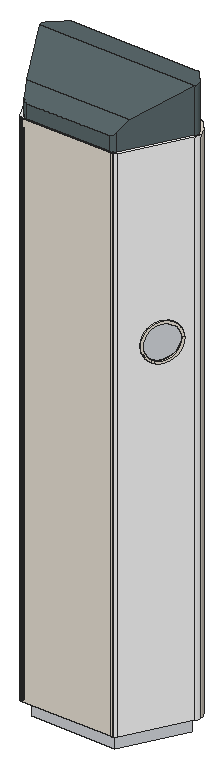
Revit family "Building-ElectricalVehicleCharging-GEWISS-JOINON-ION_FLOOR_MOUNTING", category Apparecchi elettrici, Revit 2019
Family settings
  Mantenere orientamento annotazione = No
  Quota connettore circolare = Usa diametro
  Tipo di parte = Normale
  Numero OmniClass = 23.80.00.00
  Titolo OmniClass = Electric Power and Lighting
  Basato su piano di lavoro = No
  Sempre verticale = Sì
  Taglio con vuoti quando caricato = No
  Condiviso = No
  Punto di calcolo locali = Sì
Parameters (values of type "GWJ1023W - COL. JOINON RFID 22 kW 2xT2S+SC IP55-3G")
  sp_y [instance] = 2300 mm
  sp_x [instance] = 1600 mm
  sp_effettivo_y [instance] = 4000 mm - sp_y  # 1700 mm
  sp_effettivo_x [instance] = 4000 mm - sp_x  # 2400 mm
  r4 = 18.00°
  r2 = 79.00°
  h2 = 1392 mm  # constant formula
  ang1 = 62.2233°
  Version file RFA = "19.4"
  URL = "https://www.gewiss.com/ww/en"
  Type of residual current protection = "40 A - 4P - Type B"
  Total power: = "44 Chilowatt"
  Thermal-magnetic protection = "40A - 4P - D Curve"
  Testa = Testa
  Terminal blocks: = "5 x 35 mm²"
  Surface treatment = ""
  Sockets Type = ""
  Socket/Connector Nr. (Type) = "2 (Type 2 vandal-proof socket, with shutters) + 2(Type F)"
  Simbolo_visibile [instance] = yes
  Shock resistance = "IK10"
  Realized by GEWISS S.p.A. = ""
  Rated voltage = "400 Volt"
  Rated insulation voltage (Ui) = "400 Volt"
  Rated current: = "64 Ampere"
  RFID Reader = "Yes"
  RCCB protection = ""
  Protection : = "Magnetothermic + Diff. Type B"
  Produttore = "GEWISS S.p.A."
  Power supply (input-output) = ""
  Power meter = "YES (MID)"
  Power max. = "22 kW per socket (2,3 kW for type F)"
  Operating temperature: = "-25 +50 °C"
  OUTPUT : = "-"
  N. of sockets Type 2 = "2 (+2 domestic socket Type F)"
  Mouting and installation = "Floor mounting"
  Modello = "GWJ1023W"
  Mechanical characteristics = "-"
  Maximum power per socket = ""
  Maximum current per socket = ""
  Material = "Steel sheet"
  Laterali = Laterali
  Installation type = ""
  Input current = ""
  Immagine tipo = ION_PAVIM.jpg
  IP degree = "IP54"
  INPUT: = "-"
  IDF = "88623a33-43c4-4aa8-86d3-f1eae1d19197"
  Human Interface = "LED RGB and TFT Display"
  H1 = 1550 mm
  External treatments = "Anti-corrosion and anti-graffiti"
  External colour = ""
  Electrocod = ""
  Descrizione = "COL. JOINON RFID 22 kW 2xT2S+SC IP55-3G"
  DC Leakage check = "Not needed"
  Customizations: = "Yes (front)"
  Current supplied (max) = "32 A per socket (10 A for Type F)"
  Corpo = Corpo
  Connectivity: = "LAN,WIFI,4G"
  Connectivity = ""
  Comunication = "Ethernet Kit and 4G Modem with booster antenna"
  Colour = "Grey, Headboard RAL 7011"
  Charging sockets (EN 62196) = ""
  Charging power = "22 kW + 22 kW"
  Charging mode (EN 61851) : = ""
  Charging activation = "Remotely managed, via OCPP 1.6J"
  COBie.Tagnumber = ""
  COBie.CreatedOn = ""
  COBie.CreatebBy = ""
  COBie.ComponentRegisterItemID = ""
  COBie.Component.TagNumber = ""
  COBie.Component.Space = ""
  COBie.Component.SerialNumber = ""
  COBie.Component.InstallationDate = ""
  COBie.Component.Description = ""
  COBie.Component.BarCode = ""
  C = "a=b"
  Bordo_simbolo_visibile [instance] = yes
  (Auto)restart electrical protections = "No"
Types (17, lengths in mm): name | Type of residual current protection | Total power: | Thermal-magnetic protection | Terminal blocks: | Surface treatment | Sockets Type | Socket/Connector Nr. (Type) | Rated voltage | Rated insulation voltage (Ui) | Rated current: | RFID Reader | RCCB protection | Power supply (input-output) | Power meter | Power max. | N. of sockets Type 2 | Modello | Maximum power per socket | Maximum current per socket | Installation type | Input current | IP degree | External colour | Descrizione | Current supplied (max) | Connectivity: | Connectivity | Comunication | Charging sockets (EN 62196) | Charging power | Charging mode (EN 61851) : | Charging activation
  (no name) | "40 A - 4P - Type B" | "44 Chilowatt" | "40A - 4P - D Curve" | "5 x 35 mm²" | "Anti-graffiti surface painting" | "Type 2" | "2 (Type 2 vandal-proof socket, with shutters) + 2(Type F)" | "400 Volt" | "400 Volt" | "64 Ampere" | "Yes" | "40A - 4P - Type B" | "Three-phase 35mm²" | "YES (MID)" | "22 kW per socket (2,3 kW for type F)" | "2 (+2 domestic socket Type F)" | "GWJ1023W" | "22 kW + 22 kW" | "32A + 32A" | "Ground (mounting base included in the equipment)" | "64 Ampere" | "IP54" | "Grey Chassis, Cap RAL7011" | "COL. JOINON RFID 22 kW 2xT2S+SC IP55-3G" | "32 A per socket (10 A for Type F)" | "LAN,WIFI,4G" | "OCPP 1.6 SOAP" | "Ethernet Kit and 4G Modem with booster antenna" | "2 x Type 2" | "22 kW + 22 kW" | "Mode 3" | "Remotely managed, via OCPP 1.6J"
  GWJ1001A - COL. JOINON AUTOSTART 7,4 kW 2xT2S IP55 | "40 A - 2P - Type B" | "15 Chilowatt" | "40A - 2P - Curve D" | "3 x 35 mm²" | "Anti-graffiti surface painting" | "Type 2" | "2 (Type 2 socket, with shutters)" | "230 Volt" | "230 Volt" | "64 Ampere" | "No" | "40A - 2P - Type B" | "Single-phase 35 mm²" | "No" | "7,4 kW per socket" | "2" | "GWJ1001A" | "7,4 kW + 7,4 kW" | "32A + 32A" | "Ground (mounting base included in the equipment)" | "64 Ampere" | "IP55" | "Grey Chassis, Cap RAL7011" | "COL. JOINON AUTOSTART 7,4 kW 2xT2S IP55" | "32 A per socket" | "No" | "" | "" | "2 x Type 2" | "7,4 kW + 7,4 kW" | "Mode 3" | "Free access"
  GWJ1001L - COL. JOINON RFID 7,4 kW 2xT2S IP55 - ETH | "40 A - 2P - Type B" | "15 Chilowatt" | "40A - 2P - Curve D" | "3 x 35 mm²" | "Anti-graffiti surface painting" | "" | "2 (Type 2 vandal-proof socket, with shutters)" | "230 Volt" | "230 Volt" | "64 Ampere" | "Yes" | "40A - 2P - Type B" | "Single-phase 35 mm²" | "YES (MID)" | "7,4 kW per socket" | "2" | "GWJ1001L" | "7,4 kW + 7,4 kW" | "32A + 32A" | "Ground (mounting base included in the equipment)" | "64 Ampere" | "IP55" | "Grey Chassis, Cap RAL7011" | "COL. JOINON RFID 7,4 kW 2xT2S IP55 - ETH" | "32 A per socket" | "LAN" | "OCPP 1.6 SOAP" | "Ethernet kit" | "2 x Type 2" | "7,4 kW + 7,4 kW" | "Mode 3" | "Remotely managed, via OCPP 1.6J"
  GWJ1001R - COL. JOINON RFID 7,4 kW 2xT2S IP55 | "40 A - 2P - Type B" | "15 Chilowatt" | "40A - 2P - Curve D" | "3 x 35 mm²" | "Anti-graffiti surface painting" | "" | "2 (Type 2 vandal-proof socket, with shutters)" | "230 Volt" | "230 Volt" | "64 Ampere" | "Yes" | "40A - 2P - Type B" | "Single-phase 35 mm²" | "YES (MID)" | "7,4 kW per socket" | "2" | "GWJ1001R" | "7,4 kW + 7,4 kW" | "32A + 32A" | "Ground (mounting base included in the equipment)" | "64 Ampere" | "IP55" | "Grey Chassis, Cap RAL7011" | "COL. JOINON RFID 7,4 kW 2xT2S IP55" | "32 A per socket" | "No" | "" | "" | "2 x Type 2" | "7,4 kW + 7,4 kW" | "Mode 3" | "Locally managed, via RFID"
  GWJ1001W - COL. JOINON RFID 7,4 kW 2xT2S IP55 - 3G | "40 A - 2P - Type B" | "15 Chilowatt" | "40A - 2P - Curve D" | "3 x 35 mm²" | "Anti-graffiti surface painting" | "" | "2 (Type 2 vandal-proof socket, with shutters)" | "230 Volt" | "230 Volt" | "64 Ampere" | "Yes" | "40A - 2P - Type B" | "Single-phase 35 mm²" | "YES (MID)" | "7,4 kW per socket" | "2" | "GWJ1001W" | "7,4 kW + 7,4 kW" | "32A + 32A" | "Ground (mounting base included in the equipment)" | "64 Ampere" | "IP55" | "Grey Chassis, Cap RAL7011" | "COL. JOINON RFID 7,4 kW 2xT2S IP55 - 3G" | "32 A per socket" | "LAN,WIFI,4G" | "OCPP 1.6 SOAP" | "Ethernet Kit and 4G Modem with booster antenna" | "2 x Type 2" | "7,4 kW + 7,4 kW" | "Mode 3" | "Remotely managed, via OCPP 1.6J"
  GWJ1002A - COL. JOINON AUTOSTART 11 kW 2xT2S IP55 | "20 A - 4P - Type B" | "22 Chilowatt" | "20A - 4P - Curve D" | "5 x 16 mm²" | "Anti-graffiti surface painting" | "" | "2 (Type 2 socket, with shutters)" | "400 Volt" | "400 Volt" | "32 Ampere" | "No" | "20A - 4P - Type B" | "Three-phase 35mm²" | "No" | "11 kW per socket" | "2" | "GWJ1002A" | "11 kW + 11 kW" | "16A + 16A" | "Ground (mounting base included in the equipment)" | "32 Ampere" | "IP55" | "Grey Chassis, Cap RAL7011" | "COL. JOINON AUTOSTART 11 kW 2xT2S IP55" | "16 A per socket" | "No" | "" | "" | "2 x Type 2" | "11 kW + 11 kW" | "Mode 3" | "Free access"
  GWJ1002L - COL. JOINON RFID 11 kW 2xT2S IP55 - ETH | "20 A - 4P - Type B" | "22 Chilowatt" | "20A - 4P - Curve D" | "5 x 16 mm²" | "Anti-graffiti surface painting" | "" | "2 (Type 2 vandal-proof socket, with shutters)" | "400 Volt" | "400 Volt" | "32 Ampere" | "Yes" | "20A - 4P - Type B" | "Three-phase 35mm²" | "YES (MID)" | "11 kW per socket" | "2" | "GWJ1002L" | "11 kW + 11 kW" | "16A + 16A" | "Ground (mounting base included in the equipment)" | "32 Ampere" | "IP55" | "Grey Chassis, Cap RAL7011" | "COL. JOINON RFID 11 kW 2xT2S IP55 - ETH" | "16 A per socket" | "LAN" | "OCPP 1.6 SOAP" | "Ethernet kit" | "2 x Type 2" | "11 kW + 11 kW" | "Mode 3" | "Remotely managed, via OCPP 1.6J"
  GWJ1002R - COL. JOINON RFID 11 kW 2xT2S IP55 | "20 A - 4P - Type B" | "22 Chilowatt" | "20A - 4P - Curve D" | "5 x 16 mm²" | "Anti-graffiti surface painting" | "" | "2 (Type 2 vandal-proof socket, with shutters)" | "400 Volt" | "400 Volt" | "32 Ampere" | "Yes" | "20A - 4P - Type B" | "Three-phase 35mm²" | "YES (MID)" | "11 kW per socket" | "2" | "GWJ1002R" | "11 kW + 11 kW" | "16A + 16A" | "Ground (mounting base included in the equipment)" | "32 Ampere" | "IP55" | "Grey Chassis, Cap RAL7011" | "COL. JOINON RFID 11 kW 2xT2S IP55" | "16 A per socket" | "No" | "" | "" | "2 x Type 2" | "11 kW + 11 kW" | "Mode 3" | "Locally managed, via RFID"
  GWJ1002W - COL. JOINON RFID 11 kW 2xT2S IP55 - 3G | "20 A - 4P - Type B" | "22 Chilowatt" | "20A - 4P - Curve D" | "5 x 16 mm²" | "Anti-graffiti surface painting" | "" | "2 (Type 2 vandal-proof socket, with shutters)" | "400 Volt" | "400 Volt" | "32 Ampere" | "Yes" | "20A - 4P - Type B" | "Three-phase 35mm²" | "YES (MID)" | "11 kW per socket" | "2" | "GWJ1002W" | "11 kW + 11 kW" | "16A + 16A" | "Ground (mounting base included in the equipment)" | "32 Ampere" | "IP55" | "Grey Chassis, Cap RAL7011" | "COL. JOINON RFID 11 kW 2xT2S IP55 - 3G" | "16 A per socket" | "LAN,WIFI,4G" | "OCPP 1.6 SOAP" | "Ethernet Kit and 4G Modem with booster antenna" | "2 x Type 2" | "11 kW + 11 kW" | "Mode 3" | "Remotely managed, via OCPP 1.6J"
  GWJ1003A - COL. JOINON AUTOSTART 22 kW 2xT2S IP55 | "40 A - 4P - Type B" | "44 Chilowatt" | "40A - 4P - D Curve" | "5 x 35 mm²" | "Anti-graffiti surface painting" | "" | "2 (Type 2 socket, with shutters)" | "400 Volt" | "400 Volt" | "64 Ampere" | "No" | "40A - 4P - Type B" | "Three-phase 35mm²" | "No" | "22 kW per socket" | "2" | "GWJ1003A" | "22 kW + 22 kW" | "32A + 32A" | "Ground (mounting base included in the equipment)" | "64 Ampere" | "IP55" | "Grey Chassis, Cap RAL7011" | "COL. JOINON AUTOSTART 22 kW 2xT2S IP55" | "32 A per socket" | "No" | "" | "" | "2 x Type 2" | "22 kW + 22 kW" | "Mode 3" | "Free access"
  GWJ1003L - COL. JOINON RFID 22 kW 2xT2S IP55 - ETH | "40 A - 4P - Type B" | "44 Chilowatt" | "40A - 4P - D Curve" | "5 x 35 mm²" | "Anti-graffiti surface painting" | "" | "2 (Type 2 vandal-proof socket, with shutters)" | "400 Volt" | "400 Volt" | "64 Ampere" | "Yes" | "40A - 4P - Type B" | "Three-phase 35mm²" | "YES (MID)" | "22 kW per socket" | "2" | "GWJ1003L" | "22 kW + 22 kW" | "32A + 32A" | "Ground (mounting base included in the equipment)" | "64 Ampere" | "IP55" | "Grey Chassis, Cap RAL7011" | "COL. JOINON RFID 22 kW 2xT2S IP55 - ETH" | "32 A per socket" | "LAN" | "OCPP 1.6 SOAP" | "Ethernet kit" | "2 x Type 2" | "22 kW + 22 kW" | "Mode 3" | "Remotely managed, via OCPP 1.6J"
  GWJ1003R - COL. JOINON RFID 22 kW 2xT2S IP55 | "40 A - 4P - Type B" | "44 Chilowatt" | "40A - 4P - D Curve" | "5 x 35 mm²" | "Anti-graffiti surface painting" | "" | "2 (Type 2 vandal-proof socket, with shutters)" | "400 Volt" | "400 Volt" | "64 Ampere" | "Yes" | "40A - 4P - Type B" | "Three-phase 35mm²" | "YES (MID)" | "22 kW per socket" | "2" | "GWJ1003R" | "22 kW + 22 kW" | "32A + 32A" | "Ground (mounting base included in the equipment)" | "64 Ampere" | "IP55" | "Grey Chassis, Cap RAL7011" | "COL. JOINON RFID 22 kW 2xT2S IP55" | "32 A per socket" | "No" | "" | "" | "2 x Type 2" | "22 kW + 22 kW" | "Mode 3" | "Locally managed, via RFID"
  GWJ1003W - COL. JOINON RFID 22 kW 2xT2S IP55 - 3G | "40 A - 4P - Type B" | "44 Chilowatt" | "40A - 4P - D Curve" | "5 x 35 mm²" | "Anti-graffiti surface painting" | "" | "2 (Type 2 vandal-proof socket, with shutters)" | "400 Volt" | "400 Volt" | "64 Ampere" | "Yes" | "40A - 4P - Type B" | "Three-phase 35mm²" | "YES (MID)" | "22 kW per socket" | "2" | "GWJ1003W" | "22 kW + 22 kW" | "32A + 32A" | "Ground (mounting base included in the equipment)" | "64 Ampere" | "IP55" | "Grey Chassis, Cap RAL7011" | "COL. JOINON RFID 22 kW 2xT2S IP55 - 3G" | "32 A per socket" | "LAN,WIFI,4G" | "OCPP 1.6 SOAP" | "Ethernet Kit and 4G Modem with booster antenna" | "2 x Type 2" | "22 kW + 22 kW" | "Mode 3" | "Remotely managed, via OCPP 1.6J"
  GWJ1021R - COL. JOINON RFID 7,4 kW 2xT2S+SC IP55 | "40 A - 2P - Type B" | "15 Chilowatt" | "40A - 2P - Curve D" | "3 x 35 mm²" | "" | "" | "2 (Type 2 vandal-proof socket, with shutters) + 2(Type F)" | "230 Volt" | "230 Volt" | "64 Ampere" | "Yes" | "" | "" | "YES (MID)" | "7,4 kW per socket (2,3 kW for type F)" | "2 (+2 domestic socket Type F)" | "GWJ1021R" | "" | "" | "" | "" | "IP54" | "" | "COL. JOINON RFID 7,4 kW 2xT2S+SC IP55" | "32 A per socket (10 A for Type F)" | "No" | "" | "" | "" | "7,4 kW + 7,4 kW" | "" | "Locally managed, via RFID"
  GWJ1023R - COL. JOINON RFID 22 kW 2xT2S+SC IP55 | "40 A - 4P - Type B" | "44 Chilowatt" | "40A - 4P - D Curve" | "5 x 35 mm²" | "" | "" | "2 (Type 2 vandal-proof socket, with shutters) + 2(Type F)" | "400 Volt" | "400 Volt" | "64 Ampere" | "Yes" | "" | "" | "YES (MID)" | "22 kW per socket (2,3 kW for type F)" | "2 (+2 domestic socket Type F)" | "GWJ1023R" | "" | "" | "" | "" | "IP54" | "" | "COL. JOINON RFID 22 kW 2xT2S+SC IP55" | "32 A per socket (10 A for Type F)" | "No" | "" | "" | "" | "22 kW + 22 kW" | "" | "Locally managed, via RFID"
  GWJ1021W - COL. JOINON RFID 7,4 kW 2xT2S+SC IP55-3G | "40 A - 2P - Type B" | "15 Chilowatt" | "40A - 2P - Curve D" | "3 x 35 mm²" | "" | "" | "2 (Type 2 vandal-proof socket, with shutters) + 2(Type F)" | "230 Volt" | "230 Volt" | "64 Ampere" | "Yes" | "" | "" | "YES (MID)" | "7,4 kW per socket (2,3 kW for type F)" | "2 (+2 domestic socket Type F)" | "GWJ1021W" | "" | "" | "" | "" | "IP54" | "" | "COL. JOINON RFID 7,4 kW 2xT2S+SC IP55-3G" | "32 A per socket (10 A for Type F)" | "LAN,WIFI,4G" | "" | "Ethernet Kit and 4G Modem with booster antenna" | "" | "7,4 kW + 7,4 kW" | "" | "Remotely managed, via OCPP 1.6J"
  GWJ1023W - COL. JOINON RFID 22 kW 2xT2S+SC IP55-3G | "40 A - 4P - Type B" | "44 Chilowatt" | "40A - 4P - D Curve" | "5 x 35 mm²" | "" | "" | "2 (Type 2 vandal-proof socket, with shutters) + 2(Type F)" | "400 Volt" | "400 Volt" | "64 Ampere" | "Yes" | "" | "" | "YES (MID)" | "22 kW per socket (2,3 kW for type F)" | "2 (+2 domestic socket Type F)" | "GWJ1023W" | "" | "" | "" | "" | "IP54" | "" | "COL. JOINON RFID 22 kW 2xT2S+SC IP55-3G" | "32 A per socket (10 A for Type F)" | "LAN,WIFI,4G" | "" | "Ethernet Kit and 4G Modem with booster antenna" | "" | "22 kW + 22 kW" | "" | "Remotely managed, via OCPP 1.6J"
Reference planes
  plane 1 "Centro (Fronte/Retro)": y = 0
  plane 2: z = 0
  plane 3 "Centro (Sinistra/Destra)": x = 0
  plane 4: y = 88.499
  plane 5: through (187.624, 77.783, 1200) normal (0.766, 0.6428, 0)
  plane 6 "aaa": through (149.207, -98.517, 1200) normal (-0.8848, 0.466, 0)
  plane 7: y = -136.942
  plane 8: through (93.796, -186.551, 1200) normal (-0.8848, 0.466, 0)
  plane 9: through (126.742, 137.893, 1200) normal (0.766, 0.6428, 0)
  plane 10: y = 80.499
  plane 11: through (-136.146, -121.454, 1200) normal (-0.8814, -0.4723, 0)
  plane 12: through (-129.095, -117.675, 1200) normal (-0.8814, -0.4723, 0)
  plane 13: y = -136.942
  plane 14: through (-187.339, 77.783, 1200) normal (0.766, -0.6428, 0)
  plane 15: through (-106.81, 161.308, 1200) normal (0.766, -0.6428, 0)
  plane 16: through (-94.553, 151.023, 1200) normal (0.766, -0.6428, 0)
  plane 17: y = 64.499
  plane 18: through (-56.197, -219.844, 1200) normal (-0.8814, -0.4723, 0)
  plane 19: y = -120.942
  plane 20: through (79.64, -179.095, 1200) normal (-0.8848, 0.466, 0)
  plane 21: through (114.485, 127.609, 1200) normal (0.766, 0.6428, 0)
  plane 22: z = 41
  plane 23: through (0, 64.499, 1353.022) normal (0, 0.1866, -0.9824)
  plane 24: z = 1433
  plane 25: z = 1550
  plane 26: x = -216.624
  plane 27: x = 212.265
  plane 28: z = 964
  plane 29: y = -47.527
  plane 30: through (26.919, -19.885, 1200) normal (-0.8848, 0.466, 0)
  plane 31: x = -2400
  plane 32: x = 0
  plane 33: y = 0
  plane 34: y = -1700
  plane 35: through (-365.806, -4572, 246.412) normal (-0.9925, 0, 0.1219)
  plane 36: through (208.523, -4572, 1550) normal (0.9816, 0, 0.1908)
Forms (mm)
  Extrusion 1, solid, material "Corpo" <- "Corpo"
    sketch origin (0, 0, 0) x (1, 0, 0) y (0, 1, 0)
      loop
        arc (-164.358, 88.499) -> (-177.036, 85.688) -> (-187.339, 77.783) r 30
        line (-187.339, 77.783) -> (-211.243, 49.296)
        arc (-211.243, 49.296) -> (-214.96, 43.1) -> (-216.572, 36.056) r 23
        line (-216.572, 36.056) -> (-208.544, 36.056)
        arc (-208.544, 36.056) -> (-207.436, 40.362) -> (-205.114, 44.154) r 15
        line (-205.114, 44.154) -> (-181.211, 72.64)
        arc (-181.211, 72.64) -> (-173.655, 78.438) -> (-164.358, 80.499) r 22
        line (-164.358, 80.499) -> (167.173, 80.499)
        arc (167.173, 80.499) -> (174.177, 78.946) -> (179.868, 74.58) r 16.572
        line (179.868, 74.58) -> (205.886, 43.573)
        arc (205.886, 43.573) -> (207.886, 40.313) -> (208.849, 36.612) r 12.979
        line (208.849, 36.612) -> (215.413, 36.612)
        arc (215.413, 36.612) -> (213.395, 45.008) -> (208.925, 52.397) r 28.134
        line (208.925, 52.397) -> (187.882, 77.474)
        arc (187.882, 77.474) -> (177.283, 85.608) -> (164.24, 88.499) r 30.863
        line (164.24, 88.499) -> (-164.358, 88.499)
      loop
        arc (-113.738, -136.942) -> (-115.978, -136.638) -> (-118.056, -135.749) r 8.406
        line (-118.056, -135.749) -> (-121.637, -141.73)
        arc (-121.637, -141.73) -> (-119.495, -142.307) -> (-117.286, -142.501) r 12.666
        line (-117.286, -142.501) -> (117.916, -142.501)
        arc (117.916, -142.501) -> (120.37, -142.275) -> (122.741, -141.606) r 13.462
        line (122.741, -141.606) -> (119.581, -136.371)
        arc (119.581, -136.371) -> (118.593, -136.797) -> (117.527, -136.942) r 3.975
        line (117.527, -136.942) -> (-113.738, -136.942)
    from 41 to 1433
  Extrusion 2, solid
    sketch origin (0, 0, 0) x (1, 0, 0) y (0, 1, 0)
      loop
        line (-167.156, 64.499) -> (-192.422, 34.387) -> (-109.192, -120.942) -> (110.27, -120.942) -> (192.325, 34.843) -> (167.44, 64.499) -> (-167.156, 64.499)
    from 0 to 41
  Extrusion 3, solid, material "Testa" <- "Testa"
    sketch origin (0, 0, 0) x (1, 0, 0) y (0, 1, 0)
      loop
        line (-179.113, 75.141) -> (-205.114, 44.154)
        arc (-205.114, 44.154) -> (-208.544, 36.056) -> (-206.845, 27.427) r 15
        line (-206.845, 27.427) -> (-123.012, -129.027)
        arc (-123.012, -129.027) -> (-117.496, -134.812) -> (-109.791, -136.942) r 15
        line (-109.791, -136.942) -> (110.873, -136.942)
        arc (110.873, -136.942) -> (118.624, -134.785) -> (124.145, -128.933) r 15
        line (124.145, -128.933) -> (206.794, 27.98)
        arc (206.794, 27.98) -> (208.437, 36.568) -> (205.013, 44.613) r 15
        line (205.013, 44.613) -> (179.397, 75.141)
        arc (179.397, 75.141) -> (174.246, 79.094) -> (167.906, 80.499) r 15
        line (167.906, 80.499) -> (-167.622, 80.499)
        arc (-167.622, 80.499) -> (-173.961, 79.094) -> (-179.113, 75.141) r 15
    from 1433 to 1550
  Extrusion 4, void
    sketch origin (0, 0, 0) x (0, 1, 0) y (0, 0, 1)
      loop
        line (27.427, 1550) -> (-136.942, 1550) -> (-136.942, 1469.305) -> (-104.13, 1502.117) -> (27.427, 1550)
    from -216.624 to 212.265
  Extrusion 5, void
    sketch origin (157.424, -82.918, 0) x (-0.466026, -0.884771, 0) y (0, 0, 1)
      loop
        circle (-39.951, 964) r 45
    from 0 to 46.672
  Extrusion 6, solid, material "Corpo" <- "Corpo"
    sketch origin (157.424, -82.918, 0) x (-0.466026, -0.884771, 0) y (0, 0, 1)
      loop
        circle (-39.951, 964) r 45
      loop
        circle (-39.951, 964) r 50
    from -8.324 to 144.842
  Extrusion 7, solid
    sketch origin (157.424, -82.918, 0) x (-0.466026, -0.884771, 0) y (0, 0, 1)
      loop
        circle (-39.951, 964) r 45
    from 0 to 144.842
  Extrusion 8, solid, material "Laterali" <- "Laterali"
    sketch origin (0, 0, 0) x (1, 0, 0) y (0, 1, 0)
      loop
        line (129.826, -135.313) -> (212.265, 21.201)
        arc (212.265, 21.201) -> (214.938, 28.682) -> (215.413, 36.612) r 28.134
        line (215.413, 36.612) -> (208.849, 36.612)
        arc (208.849, 36.612) -> (208.691, 32.791) -> (207.427, 29.181) r 12.979
        line (207.427, 29.181) -> (121.044, -134.82)
        arc (121.044, -134.82) -> (120.418, -135.695) -> (119.581, -136.371) r 3.975
        line (119.581, -136.371) -> (122.741, -141.606)
        arc (122.741, -141.606) -> (126.856, -139.104) -> (129.826, -135.313) r 13.462
    from 41 to 1433
  Extrusion 9, solid, material "Laterali" <- "Laterali"
    sketch origin (0, 0, 0) x (1, 0, 0) y (0, 1, 0)
      loop
        arc (-128.45, -135.817) -> (-125.588, -139.401) -> (-121.637, -141.73) r 12.666
        line (-121.637, -141.73) -> (-118.056, -135.749)
        arc (-118.056, -135.749) -> (-119.822, -134.337) -> (-121.148, -132.506) r 8.406
        line (-121.148, -132.506) -> (-206.845, 27.427)
        arc (-206.845, 27.427) -> (-208.341, 31.614) -> (-208.544, 36.056) r 15
        line (-208.544, 36.056) -> (-216.572, 36.056)
        arc (-216.572, 36.056) -> (-216.107, 29.664) -> (-213.897, 23.649) r 23
        line (-213.897, 23.649) -> (-128.45, -135.817)
    from 41 to 1433
  Extrusion 10, void
    sketch origin (-157.424, -82.918, 0) x (0.466026, -0.884771, 0) y (0, 0, -1)
      loop
        circle (-39.951, -964) r 45
    from 0 to 46.672
  Extrusion 11, solid
    sketch origin (-157.424, -82.918, 0) x (0.466026, -0.884771, 0) y (0, 0, -1)
      loop
        circle (-39.951, -964) r 45
      loop
        circle (-39.951, -964) r 50
    from -8.324 to 144.842
Cuts and joins
  Extrusion 4, Extrusion 5, Extrusion 10 cuts Extrusion 1
  Extrusion 10 cuts Extrusion 6
  joined: Extrusion 1, Extrusion 6
  Extrusion 4 cuts Extrusion 3
  Extrusion 5, Extrusion 10 cuts Extrusion 8
  Extrusion 10 cuts Extrusion 7
  Extrusion 10 cuts Extrusion 11
Lines and regions (mm)
  symbolic lines
    curve 1: line (0, -2584.937, -29.02) -> (0, -2434.937, -29.02)
    curve 2: line (0, -136.942, 1453) -> (0, -136.942, 1433)
  model lines
    curve 3: line (138.783, -118.309, 1358.658) -> (213.347, 23.254, 1393)
    curve 4: line (213.347, 23.254, 1393) -> (213.347, 23.254, 73)
    curve 5: line (213.347, 23.254, 73) -> (138.783, -118.309, 73)
    curve 6: line (138.783, -118.309, 73) -> (138.783, -118.309, 1358.658)
    curve 7: line (-138.783, -118.309, 1358.658) -> (-213.347, 23.254, 1393)
    curve 8: line (-213.347, 23.254, 1393) -> (-213.347, 23.254, 73)
    curve 9: line (-213.347, 23.254, 73) -> (-138.783, -118.309, 73)
    curve 10: line (-138.783, -118.309, 73) -> (-138.783, -118.309, 1358.658)
Text (mm)
  text "axb=c" at (178.989, -154.629, 0), in view "Livello rif."
Dimensions and locks
  locked: plane 4 to plane 10 at 8
  plane 5 to plane 9 = 8 mm
  locked: plane 8 to plane 6 "aaa" at 8
  locked: plane 11 to plane 12 at 8
  locked: plane 15 to plane 14 at 8
  plane 11 to plane 12 = 8 mm
  locked: plane 22 to plane 2 at 41
  plane 25 to plane 2 = 1550 mm
  "h2": plane 24 to plane 22
  plane 31 to plane 3 "Centro (Sinistra/Destra)" = 2400 mm
  "sp_effettivo_x": plane 31 to plane 32
  "sp_effettivo_y": plane 33 to plane 34
  plane 1 "Centro (Fronte/Retro)" to plane 34 = 1700 mm
  radius of Extrusion 3 sketch curve = 15 mm  (x6)
  angle plane 16 to plane 3 "Centro (Sinistra/Destra)" = 40.00°
  "ang1": angle plane 29 to plane 30
  angle plane 16 to plane 18 = 68.1837°
  "r4": angle plane 35 to plane 36
  angle plane 35 to plane 32 = 7.00°
  "r2": angle plane 36 to plane 24
  aligned and locked: level to plane 2
  aligned and locked: plane 15 to Extrusion 1
  aligned and locked: plane 7 to Extrusion 1
  aligned and locked: plane 9 to Extrusion 1
  aligned and locked: plane 22 to Extrusion 2
  aligned and locked: Extrusion 1 to plane 22
  aligned and locked: plane 24 to Extrusion 1
  aligned and locked: Extrusion 3 to plane 24
  aligned and locked: plane 25 to Extrusion 3
  aligned and locked: Extrusion 4 to plane 27
  aligned and locked: plane 26 to Extrusion 4
  aligned and locked: plane 28 to Extrusion 5 sketch curve
  aligned and locked: plane 30 to cut or joined group of Extrusion 1, Extrusion 4, Extrusion 5, Extrusion 6, Extrusion 10
  aligned and locked: cut or joined group of Extrusion 1, Extrusion 4, Extrusion 5, Extrusion 6, Extrusion 10 to Extrusion 7
  aligned and locked: Extrusion 9 to curve 2
  aligned and locked: Extrusion 9 to Extrusion 2
  aligned and locked: Extrusion 8 to Extrusion 2
  aligned and locked: nested 1 to plane 32
  aligned and locked: plane 33 to nested 1
Automatic sketch dimensions
  curve 2 to plane 7 = 0 mm
  curve 1 to level = 29.02 mm
  curve 1 to plane 7 = 2297.995 mm
  curve 1 to curve 1 = 150 mm
  curve 2 to curve 2 = 20 mm
  Extrusion 1 sketch curve to Extrusion 1 sketch curve = 0 mm  (x4)
  plane 14 to Extrusion 1 sketch curve = 0 mm  (x2)
  plane 15 to Extrusion 1 sketch curve = 0 mm  (x2)
  Extrusion 1 sketch curve to plane 10 = 0 mm
  Extrusion 1 sketch curve to plane 7 = 0 mm
  Extrusion 1 sketch curve to plane 9 = 0 mm  (x2)
  Extrusion 1 sketch curve to plane 5 = 0 mm  (x2)
  Extrusion 1 sketch curve to plane 26 = 0.052 mm
  Extrusion 1 sketch curve to plane 26 = 5.381 mm
  Extrusion 1 sketch curve to Extrusion 1 sketch curve = 8.028 mm
  Extrusion 1 sketch curve to Extrusion 1 sketch curve = 6.128 mm
  Extrusion 1 sketch curve to Extrusion 1 sketch curve = 11.491 mm
  Extrusion 1 sketch curve to plane 10 = 2.716 mm
  Extrusion 1 sketch curve to plane 10 = 7.859 mm
  Extrusion 1 sketch curve to Extrusion 1 sketch curve = 16.853 mm
  Extrusion 1 sketch curve to plane 7 = 4.788 mm
  Extrusion 1 sketch curve to plane 26 = 94.986 mm
  plane 7 to Extrusion 1 sketch curve = 1.194 mm
  Extrusion 1 sketch curve to Extrusion 1 sketch curve = 3.581 mm
  Extrusion 1 sketch curve to Extrusion 1 sketch curve = 4.351 mm
  Extrusion 1 sketch curve to Extrusion 1 sketch curve = 3.548 mm
  plane 27 to Extrusion 1 sketch curve = 94.738 mm
  Extrusion 1 sketch curve to Extrusion 1 sketch curve = 0.389 mm
  plane 7 to Extrusion 1 sketch curve = 0.572 mm
  Extrusion 1 sketch curve to Extrusion 1 sketch curve = 2.054 mm
  Extrusion 1 sketch curve to plane 7 = 4.664 mm
  Extrusion 1 sketch curve to Extrusion 1 sketch curve = 4.825 mm
  Extrusion 1 sketch curve to plane 17 = 6.863 mm
  Extrusion 1 sketch curve to plane 17 = 0.572 mm
  Extrusion 1 sketch curve to plane 10 = 5.92 mm
  plane 27 to Extrusion 1 sketch curve = 24.892 mm
  Extrusion 1 sketch curve to plane 10 = 3.025 mm
  Extrusion 1 sketch curve to Extrusion 1 sketch curve = 8.57 mm
  plane 27 to Extrusion 1 sketch curve = 6.379 mm
  plane 27 to Extrusion 1 sketch curve = 3.417 mm
  plane 27 to Extrusion 1 sketch curve = 3.34 mm
  Extrusion 1 sketch curve to plane 27 = 3.148 mm
  Extrusion 1 sketch curve to Extrusion 1 sketch curve = 0.894 mm
  Extrusion 1 sketch curve to Extrusion 1 sketch curve = 9.261 mm
  plane 16 to Extrusion 2 sketch curve = 0 mm  (x2)
  plane 18 to Extrusion 2 sketch curve = 0 mm  (x2)
  Extrusion 2 sketch curve to plane 17 = 0 mm
  Extrusion 2 sketch curve to plane 19 = 0 mm
  Extrusion 2 sketch curve to plane 20 = 0 mm  (x2)
  Extrusion 2 sketch curve to plane 21 = 0 mm  (x2)
  plane 12 to Extrusion 3 sketch curve = 0 mm  (x2)
  plane 15 to Extrusion 3 sketch curve = 0 mm  (x2)
  Extrusion 3 sketch curve to plane 10 = 0 mm
  Extrusion 3 sketch curve to plane 7 = 0 mm
  Extrusion 3 sketch curve to plane 8 = 0 mm  (x2)
  Extrusion 3 sketch curve to plane 9 = 0 mm  (x2)
  Extrusion 3 sketch curve to plane 26 = 11.509 mm
  Extrusion 3 sketch curve to plane 26 = 9.778 mm
  Extrusion 3 sketch curve to plane 10 = 5.358 mm  (x2)
  plane 7 to Extrusion 3 sketch curve = 7.915 mm
  Extrusion 3 sketch curve to plane 19 = 7.99 mm
  plane 27 to Extrusion 3 sketch curve = 7.252 mm
  plane 27 to Extrusion 3 sketch curve = 5.471 mm
  Extrusion 4 sketch curve to plane 7 = 0 mm
  Extrusion 4 sketch curve to plane 25 = 0 mm
  plane 19 to Extrusion 4 sketch curve = 16.813 mm
  Extrusion 4 sketch curve to plane 1 "Centro (Fronte/Retro)" = 27.427 mm
  Extrusion 4 sketch curve to plane 25 = 47.883 mm
  plane 24 to Extrusion 4 sketch curve = 36.305 mm
  curve 3 to plane 24 = 40 mm
  plane 22 to curve 5 = 32 mm
  curve 4 to curve 5 = 160 mm
  curve 6 to plane 24 = 74.342 mm
  curve 7 to plane 24 = 40 mm
  plane 22 to curve 9 = 32 mm
  curve 8 to curve 9 = 160 mm
  curve 10 to plane 24 = 74.342 mm
  Extrusion 6 sketch curve to Extrusion 6 sketch curve = 0 mm  (x12)
  plane 28 to Extrusion 6 sketch curve = 0 mm
  Extrusion 6 sketch curve to Extrusion 6 sketch curve = 45 mm
  Extrusion 6 sketch curve to Extrusion 6 sketch curve = 5 mm
  Extrusion 7 sketch curve to Extrusion 7 sketch curve = 0 mm  (x2)
  plane 28 to Extrusion 7 sketch curve = 0 mm
  Extrusion 7 sketch curve to Extrusion 7 sketch curve = 45 mm
  Extrusion 8 sketch curve to plane 8 = 0 mm  (x2)
  Extrusion 8 sketch curve to plane 6 "aaa" = 0 mm  (x2)
  Extrusion 8 sketch curve to plane 27 = 0 mm
  plane 27 to Extrusion 8 sketch curve = 3.417 mm
  plane 27 to Extrusion 8 sketch curve = 4.838 mm
  Extrusion 8 sketch curve to Extrusion 8 sketch curve = 11.484 mm
  Extrusion 8 sketch curve to Extrusion 8 sketch curve = 8.57 mm
  plane 7 to Extrusion 8 sketch curve = 1.63 mm
  Extrusion 8 sketch curve to plane 7 = 4.664 mm
  Extrusion 8 sketch curve to Extrusion 8 sketch curve = 7.085 mm
  plane 7 to Extrusion 8 sketch curve = 2.122 mm
  plane 7 to Extrusion 8 sketch curve = 0.572 mm
  Extrusion 8 sketch curve to Extrusion 8 sketch curve = 1.463 mm
  Extrusion 8 sketch curve to Extrusion 8 sketch curve = 3.128 mm
  Extrusion 8 sketch curve to Extrusion 8 sketch curve = 0.389 mm
  Extrusion 8 sketch curve to plane 27 = 3.148 mm
  Extrusion 8 sketch curve to Extrusion 8 sketch curve = 5.131 mm
  Extrusion 9 sketch curve to Extrusion 9 sketch curve = 0 mm  (x2)
  plane 11 to Extrusion 9 sketch curve = 0 mm  (x2)
  plane 12 to Extrusion 9 sketch curve = 0 mm  (x2)
  Extrusion 9 sketch curve to plane 26 = 0.052 mm
  Extrusion 9 sketch curve to plane 26 = 2.727 mm
  Extrusion 9 sketch curve to Extrusion 9 sketch curve = 8.028 mm
  Extrusion 9 sketch curve to Extrusion 9 sketch curve = 7.052 mm
  Extrusion 9 sketch curve to Extrusion 9 sketch curve = 14.92 mm
  plane 7 to Extrusion 9 sketch curve = 1.125 mm
  Extrusion 9 sketch curve to plane 7 = 4.788 mm
  Extrusion 9 sketch curve to Extrusion 9 sketch curve = 6.813 mm
  plane 7 to Extrusion 9 sketch curve = 4.436 mm
  plane 7 to Extrusion 9 sketch curve = 1.194 mm
  Extrusion 9 sketch curve to Extrusion 9 sketch curve = 3.092 mm
  Extrusion 9 sketch curve to Extrusion 9 sketch curve = 3.862 mm
  Extrusion 9 sketch curve to Extrusion 9 sketch curve = 3.548 mm
  plane 28 to Extrusion 10 sketch curve = 0 mm
  Extrusion 11 sketch curve to Extrusion 11 sketch curve = 0 mm  (x12)
  plane 28 to Extrusion 11 sketch curve = 0 mm
  Extrusion 11 sketch curve to Extrusion 11 sketch curve = 45 mm
  Extrusion 11 sketch curve to Extrusion 11 sketch curve = 5 mm
  radius of Extrusion 5 sketch curve = 45 mm
  radius of Extrusion 10 sketch curve = 45 mm
Nested families
  nested 1: "simb_torretta" at (0, -125, 0), Bordo simbolo <- "Bordo_simbolo_visibile", Visibilita' simbolo <- "Simbolo_visibile", type "simb_torretta"
Connectors
  electrical at (176.042, -47.571, 964)
    settings: on cut or joined group of Extrusion 5, Extrusion 8, Extrusion 10, index 1, voltage 0 V, apparent load 0 VA, apparent load phase1 0 VA, apparent load phase2 0 VA, apparent load phase3 0 VA, power factor 1, load classification "Altro", number of poles 1, system type 31, power factor state 1, is connector primary yes, connector utility no, sub classification motor no, connector description ""
Definition of nested family "simb_torretta"
  Parameters (values of type "simb_torretta")
    Visibilita' simbolo [instance] = yes
    Bordo simbolo [instance] = yes
  Reference planes
    plane 1 "Centro (Fronte/Retro)": y = 0
    plane 2: z = 0
    plane 3 "Centro (Sinistra/Destra)": x = 0
  Lines and regions (mm)
    detail lines, in view "Livello rif.", visible <- "Bordo simbolo"
      curve 1: line (-96.5, 250, 0) -> (101.5, 250, 0)
      curve 2: line (101.5, 250, 0) -> (101.5, 0, 0)
      curve 3: line (101.5, 0, 0) -> (-96.5, 0, 0)
      curve 4: line (-96.5, 0, 0) -> (-96.5, 250, 0)
      curve 5: line (101.5, 125, 0) -> (91.744, 125, 0)
      curve 6: line (-79.833, 125, 0) -> (-96.5, 125, 0)
    detail lines, in view "Livello rif.", visible <- "Visibilita' simbolo"
      curve 7: line (63.369, 20.256, 0) -> (63.369, 0, 0)
      curve 9: line (-63.369, 20.256, 0) -> (63.369, 20.256, 0)
      curve 10: line (49.772, 20.256, 0) -> (49.772, 185.328, 0)
      curve 11: line (38.072, 197.028, 0) -> (-41.162, 197.028, 0)
      curve 12: line (-52.903, 185.287, 0) -> (-52.903, 20.256, 0)
      curve 13: line (31.542, 136.002, 0) -> (31.542, 177.347, 0)
      curve 14: line (31.542, 177.347, 0) -> (-34.673, 177.347, 0)
      curve 15: line (-34.673, 177.347, 0) -> (-34.673, 136.002, 0)
      curve 16: line (-34.673, 136.002, 0) -> (31.542, 136.002, 0)
      curve 17: line (84.479, 146.299, 0) -> (84.479, 42.731, 0)
      curve 18: line (66.859, 42.731, 0) -> (66.859, 121.971, 0)
      curve 19: line (66.859, 121.971, 0) -> (64.275, 127.282, 0)
      curve 20: line (64.275, 127.282, 0) -> (49.772, 132.307, 0)
      curve 21: line (98.652, 158.145, 0) -> (98.652, 180.875, 0)
      curve 22: line (98.652, 180.875, 0) -> (84.479, 180.875, 0)
      curve 23: line (84.479, 180.875, 0) -> (70.307, 180.875, 0)
      curve 24: line (70.307, 180.875, 0) -> (70.307, 158.145, 0)
      curve 25: line (77.215, 180.875, 0) -> (77.215, 197.35, 0)
      curve 26: line (91.744, 180.875, 0) -> (91.744, 197.35, 0)
      curve 27: line (12.372, 88.819, 0) -> (-11.307, 88.819, 0)
      curve 28: line (-11.307, 88.819, 0) -> (-11.307, 120.192, 0)
      curve 29: line (-11.307, 120.192, 0) -> (12.372, 120.192, 0)
      curve 30: line (-11.307, 105.861, 0) -> (3.96, 105.861, 0)
      curve 31: line (-14.807, 69.865, 0) -> (-1.566, 34.036, 0)
      curve 32: line (-1.566, 34.036, 0) -> (11.676, 69.865, 0)
      curve 33: line (-63.369, 20.256, 0) -> (-63.369, 0, 0)
      curve 34: line (-63.369, 0, 0) -> (63.369, 0, 0)
    detail lines, in view "Livello rif."
      curve 8: line (-96.5, 0, 0) -> (-96.5, 20.256, 0)
      curve 35: arc (-41.162, 197.028, 0) -> (-49.464, 193.589, 0) -> (-52.903, 185.287, 0) r 11.741
      curve 36: arc (49.772, 185.328, 0) -> (46.345, 193.601, 0) -> (38.072, 197.028, 0) r 11.7
      curve 37: arc (70.307, 158.145, 0) -> (84.479, 143.972, 0) -> (98.652, 158.145, 0) r 14.173
      curve 38: arc (66.859, 42.731, 0) -> (75.669, 33.921, 0) -> (84.479, 42.731, 0) r 8.81
